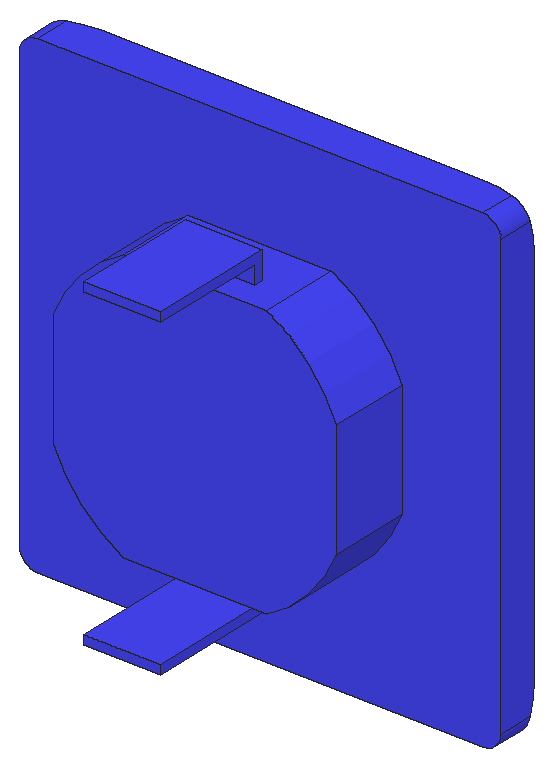
Revit family "IEK_РозеткаКомьютерная и телефонная_Встраиваемая_Двухместная IP20_ВЕГА", category Устройства связи, Revit 2019
Family settings
  Сохранять ориентацию аннотаций = Да
  Размер круглого соединителя = Использовать диаметр
  Тип детали = Нормальный
  На основе рабочей плоскости = Нет
  Всегда вертикально = Да
  При загрузке вырезать с полостями = Нет
  Общий = Нет
  Точка расчета площади = Нет
Parameters (values of type "РК/Т12-ВБ RJ11/RJ45")
  Ширина = 81.5 mm  # constant formula
  Тип монтажа = "Встраиваемый"  # constant formula
  Степень защиты = "IP20"  # constant formula
  Изготовитель = "IEK"  # constant formula
  Дата изменения = ""
  Глубина = 42.2 mm  # constant formula
  Высота = 81 mm  # constant formula
  ΔХ [instance] = 2000 mm
  ΔY [instance] = 2000 mm
  KSI_CPr_Строительные изделия = ""
  KSI_CMa_Строительные материалы = "01.7.14.03"  # constant formula
  IEK_Цена за единицу = 259.37
  IEK_Поиск в таблице имен = ""
  IEK_Описание = "Электроустановочные изделия серии \"ВЕГА\" IEK включают в себя розетки и выключатели для скрытого монтажа, которые хорошо впишутся в любой интерьер квартир, загородных домов, офисных и производственных помещений."
  IEK_URL = "https://www.iek.ru/products/catalog/izdeliya_elektroustanovochnye_udliniteli_i_silovye_razemy/elektroustanovochnye_izdeliya/elektroustanovochnye_izdeliya_skrytogo_montazha/elektroustanovochnye_izdeliya_vega/rozetka_2_mestnaya_kompyuternaya_i_telefonnaya_rk_t12_vb_rj11_rj45_vega_belyy_iek"
  ADSK_Примечание = ""
  ADSK_Позиция [instance] = ""
  ADSK_Наименование = "Розетка 2-местная компьютерная и телефонная РК/Т12-ВБ RJ11/RJ45 ВЕГА белый IEK"
  ADSK_Материал обозначение = ""
  ADSK_Материал наименование = "АБС-пластик"  # constant formula
  ADSK_Материал = Цвет белый
  ADSK_Масса = 0.046
  ADSK_Марка = "ВЕГА"  # constant formula
  ADSK_Код изделия = "EIV20-K01-DM"
  ADSK_Завод-изготовитель = "IEK"  # constant formula
  ADSK_Единица измерения = "шт"  # constant formula
  ADSK_Группирование = ""
  ADSK_Версия семейства = "1.00"  # constant formula
  ADSK_Версия Revit = "2019"  # constant formula
  ADSK_URL страницы изделия = "https://www.iek.ru/products/catalog/izdeliya_elektroustanovochnye_udliniteli_i_silovye_razemy/elektroustanovochnye_izdeliya/elektroustanovochnye_izdeliya_skrytogo_montazha/elektroustanovochnye_izdeliya_vega/?pagec=100"
Reference planes
  plane 1 "По центру (Вперед/Назад)": y = 0
  plane 2: z = 0
  plane 3 "По центру (Влево/Вправо)": x = 0
  plane 4 "Высота ножек": z = 280
  plane 5 "Высота": z = 2081.496
  plane 6: x = -2000
  plane 7: y = 2000
Forms (mm)
  Extrusion 1, solid, material "Цвет белый" <- "ADSK_Материал", detail levels fine
    sketch origin (0, 0, 40.187) x (-1, 0, 0) y (0, 0, 1)
      loop
        arc (-12.124, 23) -> (-19.255, 17.479) -> (-24, 9.811) r 25.342
        line (-24, 9.811) -> (-24, -9.811)
        arc (-24, -9.811) -> (-19.255, -17.479) -> (-12.124, -23) r 25.342
        line (-12.124, -23) -> (12.124, -23)
        arc (12.124, -23) -> (19.255, -17.479) -> (24, -9.811) r 25.342
        line (24, -9.811) -> (24, 9.811)
        arc (24, 9.811) -> (19.255, 17.479) -> (12.124, 23) r 25.342
        line (12.124, 23) -> (-12.124, 23)
    from 0 to -13.704
  Extrusion 2, solid, material "Цвет белый" <- "ADSK_Материал", detail levels fine
    sketch origin (0, 0, 40.187) x (-1, 0, 0) y (0, 0, 1)
      loop
        arc (-37.75, 40.813) -> (-39.871, 39.934) -> (-40.75, 37.813) r 3
        line (-40.75, 37.813) -> (-40.75, -37.25)
        arc (-40.75, -37.25) -> (-39.871, -39.371) -> (-37.75, -40.25) r 3
        line (-37.75, -40.25) -> (37.75, -40.25)
        arc (37.75, -40.25) -> (39.871, -39.371) -> (40.75, -37.25) r 3
        line (40.75, -37.25) -> (40.75, 37.813)
        arc (40.75, 37.813) -> (39.871, 39.934) -> (37.75, 40.813) r 3
        line (37.75, 40.813) -> (-37.75, 40.813)
    from 0 to 10
  Extrusion 3, void
    sketch origin (0, 0, 40.187) x (-1, 0, 0) y (0, 0, 1)
      loop
        line (-19.023, -2.5) -> (-9.023, -2.5) -> (-9.023, 2.5) -> (-10.563, 2.5) -> (-10.563, 4.216) -> (-12.493, 4.216) -> (-12.493, 5.786) -> (-14.023, 5.786) -> (-15.554, 5.786) -> (-15.554, 4.216) -> (-17.484, 4.216) -> (-17.484, 2.5) -> (-19.023, 2.5) -> (-19.023, -2.5)
      loop
        line (19.023, -2.5) -> (19.023, 2.5) -> (17.484, 2.5) -> (17.484, 4.216) -> (15.554, 4.216) -> (15.554, 5.786) -> (14.023, 5.786) -> (12.493, 5.786) -> (12.493, 4.216) -> (10.563, 4.216) -> (10.563, 2.5) -> (9.023, 2.5) -> (9.023, -2.5) -> (19.023, -2.5)
    from 5 to 11.9
  Extrusion 4, solid, material "Цвет белый" <- "ADSK_Материал", detail levels fine
    sketch origin (-40.3, 9.274, 40.3) x (0, 0, -1) y (0, 1, 0)
      loop
        line (23.113, -17) -> (23.113, -18.5) -> (26, -18.5) -> (26, -38.474) -> (27.5, -38.474) -> (27.5, -17) -> (23.113, -17)
      loop
        line (-22.887, -17) -> (-27.5, -17) -> (-27.5, -38.474) -> (-26, -38.474) -> (-26, -18.5) -> (-22.887, -18.5) -> (-22.887, -17)
    from 33.8 to 46.8
  Extrusion 5, solid, material "Условный материал-отделка", detail levels coarse
    sketch origin (0, 0, 0) x (1, 0, 0) y (0, 1, 0)
      loop
        line (-40.75, 13) -> (-40.75, -29.2) -> (40.75, -29.2) -> (40.75, 13) -> (-40.75, 13)
    from 0 to 81
  Extrusion 6, solid, material "Условный материал-отделка", detail levels medium
    sketch origin (0, 1.1, 0) x (1, 0, 0) y (0, 1, 0)
      loop
        line (-40.75, 11.9) -> (-40.75, -30.3) -> (40.75, -30.3) -> (40.75, 11.9) -> (-40.75, 11.9)
    from 0 to 81
  Sweep 7, void
    path origin (0, 0, 0) x (1, 0, 0) y (0, 0, 1)
      loop
        line (32.71, 76) -> (-32.71, 76)
        arc (-32.71, 76) -> (-34.86, 75.11) -> (-35.75, 72.96) r 3.04
        line (-35.75, 72.96) -> (-35.75, 7.977)
        arc (-35.75, 7.977) -> (-34.86, 5.828) -> (-32.71, 4.937) r 3.04
        line (-32.71, 4.937) -> (32.71, 4.937)
        arc (32.71, 4.937) -> (34.86, 5.828) -> (35.75, 7.977) r 3.04
        line (35.75, 7.977) -> (35.75, 72.96)
        arc (35.75, 72.96) -> (34.86, 75.11) -> (32.71, 76) r 3.04
    profile origin (34.86, 0, 75.11) x (0.707107, 0, 0.707107) y (0, -1, 0)
      loop
        line (8.33, -5) -> (0, -10) -> (8.33, -10) -> (8.33, -5)
  Sweep 8, solid, material "Цвет белый" <- "ADSK_Материал", detail levels fine
    path origin (0, 0, 0) x (1, 0, 0) y (0, 0, 1)
      loop
        line (19, 63.187) -> (-19, 63.187)
        arc (-19, 63.187) -> (-22.536, 61.723) -> (-24, 58.187) r 5
        line (-24, 58.187) -> (-24, 22.187)
        arc (-24, 22.187) -> (-22.536, 18.652) -> (-19, 17.187) r 5
        line (-19, 17.187) -> (19, 17.187)
        arc (19, 17.187) -> (22.536, 18.652) -> (24, 22.187) r 5
        line (24, 22.187) -> (24, 58.187)
        arc (24, 58.187) -> (22.536, 61.723) -> (19, 63.187) r 5
    profile origin (0, 0, 63.187) x (0, 0, -1) y (0, -1, 0)
      loop
        line (0, -13) -> (0, -6.999) -> (-9.773, -6.999) -> (0, -13)
Cuts and joins
  Extrusion 3, Sweep 7 cuts Extrusion 2
Lines and regions (mm)
  reference lines
    curve 1: line (0, 32.62, 0) -> (0, -67.38, 0)
    curve 2: line (-40.265, 0, 0) -> (99.735, 0, 0)
Dimensions and locks
  locked: plane 4 "Высота ножек" to plane 2 at 280
  plane 5 "Высота" to plane 4 "Высота ножек" = 1801.496 mm
  "ΔХ": plane 6 to curve 1
  "ΔY": plane 7 to curve 2
  aligned and locked: level to plane 2
  aligned and locked: nested 1 to curve 1
  aligned and locked: curve 2 to nested 1
  aligned and locked: Extrusion 5 to Extrusion 6  (x2)
Automatic sketch dimensions
  plane 3 "По центру (Влево/Вправо)" to Extrusion 1 sketch curve = 24 mm
  plane 3 "По центру (Влево/Вправо)" to Extrusion 1 sketch curve = 12.124 mm  (x2)
  plane 3 "По центру (Влево/Вправо)" to Extrusion 1 sketch curve = 0.422 mm  (x2)
  Extrusion 1 sketch curve to plane 3 "По центру (Влево/Вправо)" = 0.422 mm  (x2)
  Extrusion 1 sketch curve to plane 3 "По центру (Влево/Вправо)" = 12.124 mm  (x2)
  Extrusion 1 sketch curve to Extrusion 1 sketch curve = 11.876 mm
  level to Extrusion 1 sketch curve = 17.187 mm
  Extrusion 1 sketch curve to Extrusion 1 sketch curve = 13.189 mm  (x2)
  Extrusion 1 sketch curve to Extrusion 1 sketch curve = 1.043 mm
  Extrusion 1 sketch curve to Extrusion 1 sketch curve = 0 mm
  Extrusion 1 sketch curve to Extrusion 1 sketch curve = 19.622 mm
  Extrusion 5 sketch curve to plane 3 "По центру (Влево/Вправо)" = 40.75 mm
  plane 3 "По центру (Влево/Вправо)" to Extrusion 5 sketch curve = 40.75 mm
  plane 1 "По центру (Вперед/Назад)" to Extrusion 5 sketch curve = 29.2 mm
  Extrusion 5 sketch curve to plane 1 "По центру (Вперед/Назад)" = 13 mm
  Extrusion 6 sketch curve to plane 3 "По центру (Влево/Вправо)" = 40.75 mm
  plane 3 "По центру (Влево/Вправо)" to Extrusion 6 sketch curve = 40.75 mm
  plane 1 "По центру (Вперед/Назад)" to Extrusion 6 sketch curve = 29.2 mm
  Extrusion 6 sketch curve to plane 1 "По центру (Вперед/Назад)" = 13 mm
  plane 1 "По центру (Вперед/Назад)" to Extrusion 4 sketch curve = 7.726 mm  (x2)
  level to Extrusion 4 sketch curve = 67.8 mm
  Extrusion 4 sketch curve to Extrusion 4 sketch curve = 1.5 mm  (x4)
  Extrusion 4 sketch curve to Extrusion 4 sketch curve = 3.113 mm
  level to Extrusion 4 sketch curve = 17.187 mm
  Extrusion 4 sketch curve to Extrusion 4 sketch curve = 2.887 mm
  Extrusion 4 sketch curve to Extrusion 4 sketch curve = 19.974 mm  (x2)
  level to Extrusion 2 sketch curve = 2.937 mm
  plane 3 "По центру (Влево/Вправо)" to Extrusion 2 sketch curve = 40.75 mm
  Extrusion 2 sketch curve to level = 0.063 mm
  Extrusion 2 sketch curve to Extrusion 2 sketch curve = 3 mm  (x2)
  Extrusion 2 sketch curve to plane 3 "По центру (Влево/Вправо)" = 37.75 mm  (x2)
  Extrusion 2 sketch curve to Extrusion 2 sketch curve = 75.063 mm
  Sweep 7 sketch curve to plane 3 "По центру (Влево/Вправо)" = 35.75 mm
  Sweep 7 sketch curve to Sweep 7 sketch curve = 3.04 mm  (x3)
  level to Sweep 7 sketch curve = 7.977 mm
  plane 3 "По центру (Влево/Вправо)" to Sweep 7 sketch curve = 32.71 mm  (x2)
  Sweep 7 sketch curve to Sweep 7 sketch curve = 64.984 mm
  Sweep 7 sketch curve to profile plane = 0 mm
  Sweep 7 sketch curve to Sweep 7 sketch curve = 8.33 mm
  Sweep 7 sketch curve to plane 1 "По центру (Вперед/Назад)" = 10 mm
  Sweep 7 sketch curve to plane 1 "По центру (Вперед/Назад)" = 5 mm
  Sweep 8 sketch curve to plane 3 "По центру (Влево/Вправо)" = 24 mm
  Sweep 8 sketch curve to Sweep 8 sketch curve = 5 mm  (x3)
  plane 3 "По центру (Влево/Вправо)" to Sweep 8 sketch curve = 19 mm  (x2)
  level to Sweep 8 sketch curve = 17.187 mm
  Sweep 8 sketch curve to Sweep 8 sketch curve = 36 mm
  Sweep 8 sketch curve to profile plane = 0 mm
  Sweep 8 sketch curve to plane 1 "По центру (Вперед/Назад)" = 13 mm
  Sweep 8 sketch curve to Sweep 8 sketch curve = 6.001 mm
  profile plane to Sweep 8 sketch curve = 9.773 mm
  plane 3 "По центру (Влево/Вправо)" to Extrusion 3 sketch curve = 19.023 mm
  Extrusion 3 sketch curve to Extrusion 3 sketch curve = 1.54 mm  (x4)
  Extrusion 3 sketch curve to Extrusion 3 sketch curve = 1.93 mm  (x4)
  Extrusion 3 sketch curve to Extrusion 3 sketch curve = 1.531 mm  (x4)
  Extrusion 3 sketch curve to plane 3 "По центру (Влево/Вправо)" = 9.023 mm
  level to Extrusion 3 sketch curve = 37.687 mm
  Extrusion 3 sketch curve to Extrusion 3 sketch curve = 0 mm
  Extrusion 3 sketch curve to Extrusion 3 sketch curve = 5 mm  (x4)
  Extrusion 3 sketch curve to Extrusion 3 sketch curve = 1.716 mm  (x4)
  Extrusion 3 sketch curve to Extrusion 3 sketch curve = 1.571 mm  (x2)
  curve 2 to plane 3 "По центру (Влево/Вправо)" = 40.265 mm
  plane 3 "По центру (Влево/Вправо)" to curve 2 = 99.735 mm
  plane 1 "По центру (Вперед/Назад)" to curve 1 = 67.38 mm
  curve 1 to plane 1 "По центру (Вперед/Назад)" = 32.62 mm
Nested families
  nested 1: "УГО Розетки связистской" at (0, 0, 0), type "Розетка сетевая и телефонная", detail levels coarse+medium
Connectors
  electrical at (0, -8.1, 0)
    settings: on Extrusion 5, index 1, voltage 0 V, apparent load 0 VA, apparent load phase1 0 VA, apparent load phase2 0 VA, apparent load phase3 0 VA, power factor 1, load classification "Прочее", number of poles 1, system type 9, power factor state 1, is connector primary yes, connector utility no, sub classification motor no, connector description ""
Definition of nested family "УГО Розетки связистской"
  Parameters (values of type "Розетка телефонная")
    Розетка телефонная = yes
    Розетка сетевая (Интернет) = no
    Розетка сетевая и телефонная = no
    Розетка телевизионная = no
  Types (4, lengths in mm): name | Розетка телефонная | Розетка сетевая (Интернет) | Розетка сетевая и телефонная | Розетка телевизионная
    Розетка телевизионная | no | no | no | yes
    Розетка сетевая (Интернет) | no | yes | no | no
    Розетка сетевая и телефонная | no | no | yes | no
    Розетка телефонная | yes | no | no | no
  Reference planes
    plane 1: y = 0
    plane 2: x = 0
  Lines and regions (mm)
    Filled region 1, type "Цветовая область 1", visible <- "Розетка телефонная"
      outline origin (0, 0, 0) x (1, 0, 0) y (0, 1, 0)
        loop
          line (-0.512, 1.977) -> (-0.512, 3.023) -> (-1.53, 3.023) -> (-1.53, 1.977) -> (-0.512, 1.977)
        loop
          line (0.512, 1.977) -> (1.53, 1.977) -> (1.53, 3.023) -> (0.512, 3.023) -> (0.512, 1.977)
    Filled region 2, type "Цветовая область 1", visible <- "Розетка телефонная", not visible
      outline origin (0, 0, 0) x (1, 0, 0) y (0, 1, 0)
        loop
          line (8.078, 7.617) -> (8.078, 8.664) -> (7.06, 8.664) -> (7.06, 7.617) -> (8.078, 7.617)
        loop
          line (9.101, 7.617) -> (10.119, 7.617) -> (10.119, 8.664) -> (9.101, 8.664) -> (9.101, 7.617)
    Filled region 3, type "Цветовая область 1", visible <- "Розетка сетевая и телефонная"
      outline origin (0, 0, 0) x (1, 0, 0) y (0, 1, 0)
        loop
          line (0.994, 4) -> (0.994, 3) -> (1.994, 3) -> (1.994, 4) -> (0.994, 4)
        loop
          line (3.019, 3) -> (4.019, 3) -> (4.019, 4) -> (3.019, 4) -> (3.019, 3)
    Filled region 4, type "Цветовая область 1", visible <- "Розетка сетевая и телефонная", not visible
      outline origin (0, 0, 0) x (1, 0, 0) y (0, 1, 0)
        loop
          line (28.769, 14.987) -> (28.769, 13.987) -> (29.769, 13.987) -> (29.769, 14.987) -> (28.769, 14.987)
        loop
          line (30.794, 13.987) -> (31.794, 13.987) -> (31.794, 14.987) -> (30.794, 14.987) -> (30.794, 13.987)
    detail lines
      curve 1: line (0.006, 0, 0) -> (0.006, 2.454, 0)
      curve 2: line (0.006, 0, 0) -> (2.217, 0, 0)
    detail lines, visible <- "Розетка сетевая (Интернет)", not visible
      curve 3: line (2.5, 1.221, 0) -> (-2.5, 1.221, 0)
      curve 4: line (2.5, 6.221, 0) -> (-2.5, 6.221, 0)
      curve 5: line (0, 6.221, 0) -> (-2.5, 1.221, 0)
      curve 6: line (0, 6.221, 0) -> (2.5, 1.221, 0)
    detail lines, visible <- "Розетка телевизионная", not visible
      curve 7: line (19.458, 13.285, 0) -> (24.458, 13.285, 0)
      curve 8: line (19.458, 8.285, 0) -> (24.458, 8.285, 0)
      curve 9: line (21.958, 13.285, 0) -> (19.458, 8.285, 0)
      curve 10: line (21.958, 13.285, 0) -> (24.458, 8.285, 0)
    detail lines, visible <- "Розетка сетевая (Интернет)"
      curve 11: line (2.506, 0, 0) -> (-2.494, 0, 0)
      curve 12: line (2.506, 5, 0) -> (-2.494, 5, 0)
      curve 13: line (0.006, 5, 0) -> (-2.494, 0, 0)
      curve 14: line (0.006, 5, 0) -> (2.506, 0, 0)
    detail lines, visible <- "Розетка телевизионная"
      curve 15: line (-2.494, 5, 0) -> (2.506, 5, 0)
      curve 16: line (-2.494, 0, 0) -> (2.506, 0, 0)
      curve 17: line (0.006, 5, 0) -> (-2.494, 0, 0)
      curve 18: line (0.006, 5, 0) -> (2.506, 0, 0)
    detail lines, visible <- "Розетка телефонная"
      curve 19: circle (0.006, 2.5, 0) r 2.5 normal (0, 0, 1)
      curve 21: line (-1.53, 3.023, 0) -> (-1.53, 1.977, 0)
      curve 22: line (-1.53, 1.977, 0) -> (-0.512, 1.977, 0)
      curve 23: line (-0.512, 1.977, 0) -> (-0.512, 3.023, 0)
      curve 24: line (-0.512, 3.023, 0) -> (-1.53, 3.023, 0)
      curve 25: line (1.53, 3.023, 0) -> (1.53, 1.977, 0)
      curve 26: line (1.53, 1.977, 0) -> (0.512, 1.977, 0)
      curve 27: line (0.512, 1.977, 0) -> (0.512, 3.023, 0)
      curve 28: line (0.512, 3.023, 0) -> (1.53, 3.023, 0)
    detail lines, visible <- "Розетка телефонная", not visible
      curve 20: circle (8.596, 8.14, 0) r 2.5 normal (0, 0, 1)
      curve 29: line (7.06, 8.664, 0) -> (7.06, 7.617, 0)
      curve 30: line (7.06, 7.617, 0) -> (8.078, 7.617, 0)
      curve 31: line (8.078, 7.617, 0) -> (8.078, 8.664, 0)
      curve 32: line (8.078, 8.664, 0) -> (7.06, 8.664, 0)
      curve 33: line (10.119, 8.664, 0) -> (10.119, 7.617, 0)
      curve 34: line (10.119, 7.617, 0) -> (9.101, 7.617, 0)
      curve 35: line (9.101, 7.617, 0) -> (9.101, 8.664, 0)
      curve 36: line (9.101, 8.664, 0) -> (10.119, 8.664, 0)
    detail lines, visible <- "Розетка сетевая и телефонная"
      curve 37: line (-5.994, 7, 0) -> (6.006, 7, 0)
      curve 38: line (-5.994, 0, 0) -> (-5.994, 7, 0)
      curve 39: line (6.006, 0, 0) -> (-5.994, 0, 0)
      curve 40: line (6.006, 7, 0) -> (6.006, 0, 0)
      curve 41: line (-4.994, 1, 0) -> (0.006, 1, 0)
      curve 42: line (-2.474, 6, 0) -> (-4.994, 1, 0)
      curve 43: line (-2.474, 6, 0) -> (0.006, 1, 0)
      curve 44: circle (2.506, 3.5, 0) r 2.5 normal (0, 0, 1)
      curve 45: line (-4.994, 6, 0) -> (0.006, 6, 0)
      curve 46: line (0.994, 4, 0) -> (0.994, 3, 0)
      curve 47: line (0.994, 3, 0) -> (1.994, 3, 0)
      curve 48: line (1.994, 3, 0) -> (1.994, 4, 0)
      curve 49: line (1.994, 4, 0) -> (0.994, 4, 0)
      curve 50: line (4.019, 4, 0) -> (4.019, 3, 0)
      curve 51: line (4.019, 3, 0) -> (3.019, 3, 0)
      curve 52: line (3.019, 3, 0) -> (3.019, 4, 0)
      curve 53: line (3.019, 4, 0) -> (4.019, 4, 0)
    detail lines, visible <- "Розетка сетевая и телефонная", not visible
      curve 54: line (21.782, 17.987, 0) -> (33.782, 17.987, 0)
      curve 55: line (21.782, 10.987, 0) -> (21.782, 17.987, 0)
      curve 56: line (33.782, 10.987, 0) -> (21.782, 10.987, 0)
      curve 57: line (33.782, 17.987, 0) -> (33.782, 10.987, 0)
      curve 58: line (22.782, 11.987, 0) -> (27.782, 11.987, 0)
      curve 59: line (25.301, 16.987, 0) -> (22.782, 11.987, 0)
      curve 60: line (25.301, 16.987, 0) -> (27.782, 11.987, 0)
      curve 61: circle (30.282, 14.487, 0) r 2.5 normal (0, 0, 1)
      curve 62: line (22.782, 16.987, 0) -> (27.782, 16.987, 0)
      curve 63: line (28.769, 14.987, 0) -> (28.769, 13.987, 0)
      curve 64: line (28.769, 13.987, 0) -> (29.769, 13.987, 0)
      curve 65: line (29.769, 13.987, 0) -> (29.769, 14.987, 0)
      curve 66: line (29.769, 14.987, 0) -> (28.769, 14.987, 0)
      curve 67: line (31.794, 14.987, 0) -> (31.794, 13.987, 0)
      curve 68: line (31.794, 13.987, 0) -> (30.794, 13.987, 0)
      curve 69: line (30.794, 13.987, 0) -> (30.794, 14.987, 0)
      curve 70: line (30.794, 14.987, 0) -> (31.794, 14.987, 0)
  Text (mm)
    text "TV" at (20.688, 11.147, 0), visible <- "Розетка телевизионная", not visible
    text "TV" at (-1.264, 2.862, 0), visible <- "Розетка телевизионная"
